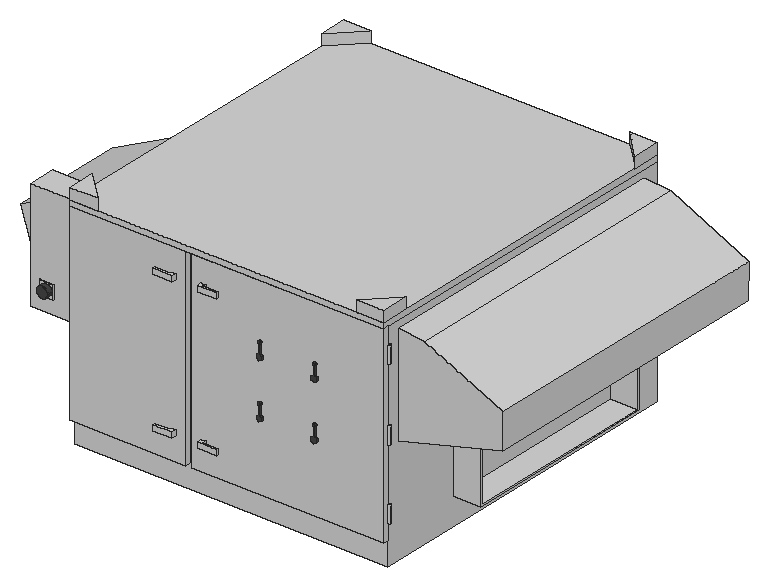
Revit family "HE3XRTF_FEB23", category Mechanical Equipment, Revit 2019
Family settings
  Round Connector Dimension = Use Diameter
  Part Type = Normal
  OmniClass Number = 23.75.00.00
  OmniClass Title = Climate Control (HVAC)
  Work Plane-Based = No
  Always vertical = Yes
  Cut with Voids When Loaded = No
  Shared = No
  Room Calculation Point = No
Parameters (values of type "2.0 HP 120V Single Phase")
  Voltage = "120"
  Ventilation Type = "Static Plate, Heat and Humidity Transfer"
  Unit Width = "63-1/4\""
  Unit Weight = "700-972 lbs."
  Unit Length = "94\""
  Unit Height = "44\""
  Unit = Metal - RenewAire - Anodized - Gray Text
  URL = "www.renewaire.com"
  Typical Airflow Range = "750-3,300 CFM"
  Standard Features = "TEFC Premium efficiency motors, Motor starters, Non-Fused Disconnect, 24VAC Transformer/Relay Package"
  Shipping Weight = "1,067 lbs."
  Service Area Visibility = no
  Service Area Box = Interference - RenewAire - Smooth - Light - Gold
  Revit Object Download Link = ""
  Phase = "Single"
  Options = "Integrated programmable controls, Fused disconnect, Double wall construction, Factory supplied and mounted variable frequency drives (VFDs) – one or both airstreams, Class 1 low leakage motorized isolation dampers – OA, RA or both airstreams, Qty. 2 Factory mounted filter alarms, Exterior Paint - white, custom colors"
  Number Motors = "Qty. 2, Belt drive blower/standard motor packages with adjustable sheaves"
  Model = "HE3XRTF"
  Minimum Circuit Amps = "45.0 A"
  Maximum Overcurrent Protection = "60 A"
  Max. Shipping Width = "70\""
  Max. Shipping Length = "80\""
  Max. Shipping Height = "67\""
  Manufacturer = "RenewAire LLC"
  Frequency = "60 HZ"
  FLA per Motor = "20.0"
  Description = "Energy Recovery Ventilator"
  Connector Base Material = Glass - With - Transparency
  Accessories = "Filters - MERV 13, 2\" (shipped loose),Roof curb - standard 14\", Curb wind clip, Engineered combo curb for Carrier RTU, Engineered combo curb for Trane RTU, Digital time clock - wall mount(TC7D-W), in exterior enclosure (TC7D-E), Motion occupancy control - ceiling mount(MC-C), wall mount(MC-W), Carbon dioxide control - wall mount (CO2-W), duct mount(CO2-D), Electric duct heater – EK series (1-60 KW), EH series (61-175kW); designed for indoor ductwork installation only, Indirect gas-fired duct furnace - GH Series (50-400 MBH), installed downstream of any fans"
  AHRI 1060 Certified Core = "Three L125-G5"
Types (13): name | Voltage | Phase | Options | Minimum Circuit Amps | Maximum Overcurrent Protection | FLA per Motor | Accessories
  (no name) | "120" | "Single" | "Integrated programmable controls, Fused disconnect, Double wall construction, Factory supplied and mounted variable frequency drives (VFDs) – one or both airstreams, Class 1 low leakage motorized isolation dampers – OA, RA or both airstreams, Qty. 2 Factory mounted filter alarms, Exterior Paint - white, custom colors" | "45.0 A" | "60 A" | "20.0" | "Filters - MERV 13, 2\" (shipped loose),Roof curb - standard 14\", Curb wind clip, Engineered combo curb for Carrier RTU, Engineered combo curb for Trane RTU, Digital time clock - wall mount(TC7D-W), in exterior enclosure (TC7D-E), Motion occupancy control - ceiling mount(MC-C), wall mount(MC-W), Carbon dioxide control - wall mount (CO2-W), duct mount(CO2-D), Electric duct heater – EK series (1-60 KW), EH series (61-175kW); designed for indoor ductwork installation only, Indirect gas-fired duct furnace - GH Series (50-400 MBH), installed downstream of any fans"
  2.0 HP 120V Single Phase | "120" | "Single" | "Integrated programmable controls, Fused disconnect, Double wall construction, Factory supplied and mounted variable frequency drives (VFDs) – one or both airstreams, Class 1 low leakage motorized isolation dampers – OA, RA or both airstreams, Qty. 2 Factory mounted filter alarms, Exterior Paint - white, custom colors" | "45.0 A" | "60 A" | "20.0" | "Filters - MERV 13, 2\" (shipped loose),Roof curb - standard 14\", Curb wind clip, Engineered combo curb for Carrier RTU, Engineered combo curb for Trane RTU, Digital time clock - wall mount(TC7D-W), in exterior enclosure (TC7D-E), Motion occupancy control - ceiling mount(MC-C), wall mount(MC-W), Carbon dioxide control - wall mount (CO2-W), duct mount(CO2-D), Electric duct heater – EK series (1-60 KW), EH series (61-175kW); designed for indoor ductwork installation only, Indirect gas-fired duct furnace - GH Series (50-400 MBH), installed downstream of any fans"
  2.0 HP 208-230V Single Phase | "208-230" | "Single" | "Integrated programmable controls, Fused disconnect, Double wall construction, Factory supplied and mounted variable frequency drives (VFDs) – one or both airstreams, Class 1 low leakage motorized isolation dampers – OA, RA or both airstreams, Qty. 2 Factory mounted filter alarms, Exterior Paint - white, custom colors" | "24.3 A" | "35 A" | "10.8-10.0" | "Filters - MERV 13, 2\" (shipped loose),Roof curb - standard 14\", Curb wind clip, Engineered combo curb for Carrier RTU, Engineered combo curb for Trane RTU, Digital time clock - wall mount(TC7D-W), in exterior enclosure (TC7D-E), Motion occupancy control - ceiling mount(MC-C), wall mount(MC-W), Carbon dioxide control - wall mount (CO2-W), duct mount(CO2-D), Electric duct heater – EK series (1-60 KW), EH series (61-175kW); designed for indoor ductwork installation only, Indirect gas-fired duct furnace - GH Series (50-400 MBH), installed downstream of any fans"
  2.0 HP 208-230V Three Phase | "208-230" | "Three" | "Integrated programmable controls, Fused disconnect, Double wall construction, Factory supplied and mounted variable frequency drives (VFDs) – one or both airstreams, Class 1 low leakage motorized isolation dampers – OA, RA or both airstreams, Qty. 2 Factory mounted filter alarms, Exterior Paint - white, custom colors" | "14.9 A" | "20 A" | "6.6-5.8" | "Filters - MERV 13, 2\" (shipped loose),Roof curb - standard 14\", Curb wind clip, Engineered combo curb for Carrier RTU, Engineered combo curb for Trane RTU, Digital time clock - wall mount(TC7D-W), in exterior enclosure (TC7D-E), Motion occupancy control - ceiling mount(MC-C), wall mount(MC-W), Carbon dioxide control - wall mount (CO2-W), duct mount(CO2-D), Electric duct heater – EK series (1-60 KW), EH series (61-175kW); designed for indoor ductwork installation only, Indirect gas-fired duct furnace - GH Series (50-400 MBH), installed downstream of any fans"
  2.0 HP 460V Three Phase | "460" | "Three" | "Integrated programmable controls, Fused disconnect, Double wall construction, Factory supplied and mounted variable frequency drives (VFDs) – one or both airstreams, Class 1 low leakage motorized isolation dampers – OA, RA or both airstreams, Qty. 2 Factory mounted filter alarms, Exterior Paint - white, custom colors" | "6.5 A" | "15 A" | "2.9" | "Filters - MERV 13, 2\" (shipped loose),Roof curb - standard 14\", Curb wind clip, Engineered combo curb for Carrier RTU, Engineered combo curb for Trane RTU, Digital time clock - wall mount(TC7D-W), in exterior enclosure (TC7D-E), Motion occupancy control - ceiling mount(MC-C), wall mount(MC-W), Carbon dioxide control - wall mount (CO2-W), duct mount(CO2-D), Electric duct heater – EK series (1-60 KW), EH series (61-175kW); designed for indoor ductwork installation only, Indirect gas-fired duct furnace - GH Series (50-400 MBH), installed downstream of any fans\\"
  2.0 HP 575V Three Phase | "575" | "Three" | "Integrated programmable controls, Fused disconnect, Double wall construction, Factory supplied and mounted variable frequency drives (VFDs) – one or both airstreams, Class 1 low leakage motorized isolation dampers – OA, RA or both airstreams, Qty. 2 Factory mounted filter alarms, Exterior Paint - white, custom colors" | "5.4 A" | "15 A" | "2.4" | "Filters - MERV 13, 2\" (shipped loose),Roof curb - standard 14\", Curb wind clip, Engineered combo curb for Carrier RTU, Engineered combo curb for Trane RTU, Digital time clock - wall mount(TC7D-W), in exterior enclosure (TC7D-E), Motion occupancy control - ceiling mount(MC-C), wall mount(MC-W), Carbon dioxide control - wall mount (CO2-W), duct mount(CO2-D), Electric duct heater – EK series (1-60 KW), EH series (61-175kW); designed for indoor ductwork installation only, Indirect gas-fired duct furnace - GH Series (50-400 MBH), installed downstream of any fans"
  3.0 HP 208-230V Single Phase | "208-230" | "Single" | "Integrated programmable controls, Fused disconnect, Double wall construction, Factory supplied and mounted variable frequency drives (VFDs) – one or both airstreams, Class 1 low leakage motorized isolation dampers – OA, RA or both airstreams, Qty. 2 Factory mounted filter alarms, Exterior Paint - white, custom colors" | "33.1 A" | "40 A" | "14.7-14" | "Filters - MERV 13, 2\" (shipped loose),Roof curb - standard 14\", Curb wind clip, Engineered combo curb for Carrier RTU, Engineered combo curb for Trane RTU, Digital time clock - wall mount(TC7D-W), in exterior enclosure (TC7D-E), Motion occupancy control - ceiling mount(MC-C), wall mount(MC-W), Carbon dioxide control - wall mount (CO2-W), duct mount(CO2-D), Electric duct heater – EK series (1-60 KW), EH series (61-175kW); designed for indoor ductwork installation only, Indirect gas-fired duct furnace - GH Series (50-400 MBH), installed downstream of any fans"
  3.0 HP 208-230V Three Phase | "208-230" | "Three" | "Integrated programmable controls, Fused disconnect, Double wall construction, Factory supplied and mounted variable frequency drives (VFDs) – one or both airstreams, Class 1 low leakage motorized isolation dampers – OA, RA or both airstreams, Qty. 2 Factory mounted filter alarms, Exterior Paint - white, custom colors" | "21.1 A" | "25 A" | "9.4-8.5" | "Filters - MERV 13, 2\" (shipped loose),Roof curb - standard 14\", Curb wind clip, Engineered combo curb for Carrier RTU, Engineered combo curb for Trane RTU, Digital time clock - wall mount(TC7D-W), in exterior enclosure (TC7D-E), Motion occupancy control - ceiling mount(MC-C), wall mount(MC-W), Carbon dioxide control - wall mount (CO2-W), duct mount(CO2-D), Electric duct heater – EK series (1-60 KW), EH series (61-175kW); designed for indoor ductwork installation only, Indirect gas-fired duct furnace - GH Series (50-400 MBH), installed downstream of any fans"
  3.0 HP 460V Three Phase | "460" | "Three" | "Integrated programmable controls, Fused disconnect, Double wall construction, Factory supplied and mounted variable frequency drives (VFDs) – one or both airstreams, Class 1 low leakage motorized isolation dampers – OA, RA or both airstreams, Qty. 2 Factory mounted filter alarms, Exterior Paint - white, custom colors\r\nIntegrated programmable controls, Fused disconnect, Double wall construction, Factory supplied and mounted variable frequency drives (VFDs) – one or both airstreams, Class 1 low leakage motorized isolation dampers – OA, EA or both airstreams, Qty. 2 Factory mounted filter alarms, Exterior Paint - white, custom colors" | "9.5 A" | "15 A" | "4.2" | "Filters - MERV 13, 2\" (shipped loose),Roof curb - standard 14\", Curb wind clip, Engineered combo curb for Carrier RTU, Engineered combo curb for Trane RTU, Digital time clock - wall mount(TC7D-W), in exterior enclosure (TC7D-E), Motion occupancy control - ceiling mount(MC-C), wall mount(MC-W), Carbon dioxide control - wall mount (CO2-W), duct mount(CO2-D), Electric duct heater – EK series (1-60 KW), EH series (61-175kW); designed for indoor ductwork installation only, Indirect gas-fired duct furnace - GH Series (50-400 MBH), installed downstream of any fans"
  3.0 HP 575V Three Phase | "575" | "Three" | "Integrated programmable controls, Fused disconnect, Double wall construction, Factory supplied and mounted variable frequency drives (VFDs) – one or both airstreams, Class 1 low leakage motorized isolation dampers – OA, RA or both airstreams, Qty. 2 Factory mounted filter alarms, Exterior Paint - white, custom colors" | "7.4 A" | "15 A" | "3.3" | "Filters - MERV 13, 2\" (shipped loose),Roof curb - standard 14\", Curb wind clip, Engineered combo curb for Carrier RTU, Engineered combo curb for Trane RTU, Digital time clock - wall mount(TC7D-W), in exterior enclosure (TC7D-E), Motion occupancy control - ceiling mount(MC-C), wall mount(MC-W), Carbon dioxide control - wall mount (CO2-W), duct mount(CO2-D), Electric duct heater – EK series (1-60 KW), EH series (61-175kW); designed for indoor ductwork installation only, Indirect gas-fired duct furnace - GH Series (50-400 MBH), installed downstream of any fans\r\nFilters - MERV 13, 2\" (shipped loose),Roof curb - standard 14\", Curb wind clip, Engineered combo curb for Carrier RTU, Engineered combo curb for Trane RTU, Digital time clock - wall mount(TC7D-W), in exterior enclosure (TC7D-E), Motion occupancy control - ceiling mount(MC-C), wall mount(MC-W), Carbon dioxide control - wall mount (CO2-W), duct mount(CO2-D), Electric duct heater – EK series (1-60 KW); designed for indoor ductwork installation only, Indirect gas-fired duct furnace - GH Series (50-400 MBH), installed downstream of any fans"
  5.0 HP 208-230V Three Phase | "208-230" | "Three" | "Integrated programmable controls, Fused disconnect, Double wall construction, Factory supplied and mounted variable frequency drives (VFDs) – one or both airstreams, Class 1 low leakage motorized isolation dampers – OA, RA or both airstreams, Qty. 2 Factory mounted filter alarms, Exterior Paint - white, custom colors" | "32.6 A" | "45 A" | "14.5-13.4" | "Filters - MERV 13, 2\" (shipped loose),Roof curb - standard 14\", Curb wind clip, Engineered combo curb for Carrier RTU, Engineered combo curb for Trane RTU, Digital time clock - wall mount(TC7D-W), in exterior enclosure (TC7D-E), Motion occupancy control - ceiling mount(MC-C), wall mount(MC-W), Carbon dioxide control - wall mount (CO2-W), duct mount(CO2-D), Electric duct heater – EK series (1-60 KW), EH series (61-175kW); designed for indoor ductwork installation only, Indirect gas-fired duct furnace - GH Series (50-400 MBH), installed downstream of any fans"
  5.0 HP 460V Three Phase | "460" | "Three" | "Integrated programmable controls, Fused disconnect, Double wall construction, Factory supplied and mounted variable frequency drives (VFDs) – one or both airstreams, Class 1 low leakage motorized isolation dampers – OA, RA or both airstreams, Qty. 2 Factory mounted filter alarms, Exterior Paint - white, custom colors" | "15.1 A" | "20 A" | "6.7" | "Filters - MERV 13, 2\" (shipped loose),Roof curb - standard 14\", Curb wind clip, Engineered combo curb for Carrier RTU, Engineered combo curb for Trane RTU, Digital time clock - wall mount(TC7D-W), in exterior enclosure (TC7D-E), Motion occupancy control - ceiling mount(MC-C), wall mount(MC-W), Carbon dioxide control - wall mount (CO2-W), duct mount(CO2-D), Electric duct heater – EK series (1-60 KW), EH series (61-175kW); designed for indoor ductwork installation only, Indirect gas-fired duct furnace - GH Series (50-400 MBH), installed downstream of any fans"
  5.0 HP 575V Three Phase | "575" | "Three" | "Integrated programmable controls, Fused disconnect, Double wall construction, Factory supplied and mounted variable frequency drives (VFDs) – one or both airstreams, Class 1 low leakage motorized isolation dampers – OA, RA or both airstreams, Qty. 2 Factory mounted filter alarms, Exterior Paint - white, custom colors" | "11.9 A" | "15 A" | "5.3" | "Filters - MERV 13, 2\" (shipped loose),Roof curb - standard 14\", Curb wind clip, Engineered combo curb for Carrier RTU, Engineered combo curb for Trane RTU, Digital time clock - wall mount(TC7D-W), in exterior enclosure (TC7D-E), Motion occupancy control - ceiling mount(MC-C), wall mount(MC-W), Carbon dioxide control - wall mount (CO2-W), duct mount(CO2-D), Electric duct heater – EK series (1-60 KW), EH series (61-175kW); designed for indoor ductwork installation only, Indirect gas-fired duct furnace - GH Series (50-400 MBH), installed downstream of any fans"
Reference planes (in)
  plane 1 "Center (Front/Back)": y = 0
  plane 2: z = 0
  plane 3 "Center (Left/Right)": x = 0
Forms (in)
  Extrusion 1, solid, material "Metal - RenewAire - Anodized - Gray Text" <- "Unit"
    sketch origin (0, 0, 0) x (1, 0, 0) y (0, 0, 1)
      loop
        line (-28.5625, 0) -> (28.5625, 0) -> (28.5625, 39.25) -> (-28.5625, 39.25) -> (-28.5625, 0)
    from 30.125 to -31.125
  Extrusion 2, solid, material "Metal - RenewAire - Anodized - Gray Text"
    sketch origin (0, 0, 0) x (1, 0, 0) y (0, 0, 1)
      loop
        line (-28.5625, 39.25) -> (28.5625, 39.25) -> (28.5625, 40.25) -> (-28.5625, 40.25) -> (-28.5625, 39.25)
    from 31.125 to -31.125
  Extrusion 3, solid, material "Metal - RenewAire - Anodized - Gray Text"
    sketch origin (0, 0, 0) x (1, 0, 0) y (0, 0, 1)
      loop
        line (-6.4375, 39.25) -> (-6.4375, 4.25) -> (28.5625, 4.25) -> (28.5625, 39.25) -> (-6.4375, 39.25)
      loop
        line (-28.5625, 39.25) -> (-28.5625, 4.25) -> (-7.5625, 4.25) -> (-7.5625, 39.25) -> (-28.5625, 39.25)
    from 31.125 to 30.125
  Extrusion 4, solid, material "Metal - RenewAire - Anodized - Gray Text"
    sketch origin (0, 0, 0) x (1, 0, 0) y (0, 1, 0)
      loop
        circle (-28.8125, -30.125) r 0.25
      loop
        circle (28.8125, -30.125) r 0.25
    from 10.25 to 7.25
  Extrusion 5, solid, material "Metal - RenewAire - Anodized - Gray Text"
    sketch origin (0, 0, 0) x (1, 0, 0) y (0, 1, 0)
      loop
        circle (-28.8125, -30.125) r 0.25
      loop
        circle (28.8125, -30.125) r 0.25
    from 36.25 to 33.25
  Extrusion 6, solid, material "Metal - RenewAire - Anodized - Gray Text"
    sketch origin (0, 0, 0) x (1, 0, 0) y (0, 1, 0)
      loop
        circle (-28.8125, -30.125) r 0.25
      loop
        circle (28.8125, -30.125) r 0.25
    from 23.125 to 20.125
  Extrusion 7, solid, material "Metal - RenewAire - Anodized - Gray Text"
    sketch origin (0, 0, 0) x (1, 0, 0) y (0, 1, 0)
      loop
        line (-4.6875, -31.125) -> (-4.6875, -32) -> (-1.1875, -32) -> (-1.1875, -31.625) -> (-3.9375, -31.625) -> (-3.9375, -31.125) -> (-4.6875, -31.125)
      loop
        line (-9.3125, -31.125) -> (-10.0625, -31.125) -> (-10.0625, -31.625) -> (-12.8125, -31.625) -> (-12.8125, -32) -> (-9.3125, -32) -> (-9.3125, -31.125)
    from 9.5 to 8.5
  Extrusion 8, solid, material "Metal - RenewAire - Anodized - Gray Text"
    sketch origin (0, 0, 0) x (1, 0, 0) y (0, 1, 0)
      loop
        line (-4.6875, -31.125) -> (-4.6875, -32) -> (-1.1875, -32) -> (-1.1875, -31.625) -> (-3.9375, -31.625) -> (-3.9375, -31.125) -> (-4.6875, -31.125)
      loop
        line (-9.3125, -31.125) -> (-10.0625, -31.125) -> (-10.0625, -31.625) -> (-12.8125, -31.625) -> (-12.8125, -32) -> (-9.3125, -32) -> (-9.3125, -31.125)
    from 35 to 34
  Extrusion 9, solid, material "Metal - RenewAire - Anodized - Gray Text"
    sketch origin (0, 0, 0) x (1, 0, 0) y (0, 0, 1)
      loop
        line (-28.5625, 37.5) -> (-38.875, 37.5) -> (-38.875, 17.5) -> (-28.5625, 17.5) -> (-28.5625, 37.5)
    from 27.125 to 22.125
  Extrusion 10, solid, material "Metal - RenewAire - Anodized - Gray Text"
    sketch origin (0, 0, 0) x (1, 0, 0) y (0, 0, 1)
      loop
        line (-37.25, 22.5) -> (-37.25, 20) -> (-34.75, 20) -> (-34.75, 22.5) -> (-37.25, 22.5)
    from 27.25 to 27.125
  Extrusion 11, solid, material "MonitorPorts"
    sketch origin (0, 0, 0) x (1, 0, 0) y (0, 0, 1)
      loop
        circle (-36, 21.25) r 1
    from 28.25 to 27.125
  Extrusion 12, solid, material "Interference - RenewAire - Smooth - Light - Gold" <- "Service Area Box", visible <- "Service Area Visibility"
    sketch origin (0, 0, 0) x (1, 0, 0) y (0, 0, 1)
      loop
        line (28.5625, 40.25) -> (-37.0625, 40.25) -> (-37.0625, 0) -> (28.5625, 0) -> (28.5625, 40.25)
    from 64.875 to 31.125
  Extrusion 13, solid, material "Metal - RenewAire - Anodized - Gray Text" <- "Unit"
    sketch origin (0, 0, 0) x (1, 0, 0) y (0, 1, 0)
      loop
        line (-28.5625, 31.125) -> (-28.5625, 26.125) -> (-23.5625, 31.125) -> (-28.5625, 31.125)
      loop
        line (-28.5625, -31.125) -> (-23.5625, -31.125) -> (-28.5625, -26.125) -> (-28.5625, -31.125)
      loop
        line (28.5625, -31.125) -> (28.5625, -26.125) -> (23.5625, -31.125) -> (28.5625, -31.125)
      loop
        line (28.5625, 31.125) -> (23.5625, 31.125) -> (28.5625, 26.125) -> (28.5625, 31.125)
    from 42.25 to 40.25
  Extrusion 14, solid, material "Metal - RenewAire - Anodized - Gray Text"
    sketch origin (0, 0, 0) x (-1, 0, 0) y (0, 0, -1)
      loop
        line (-28.5625, -38) -> (-28.5625, -19.59875) -> (-47.6875, -24.59875) -> (-47.6875, -31) -> (-33.5625, -37.5) -> (-28.5625, -38)
    from 28 to -28
  Extrusion 15, solid, material "Metal - RenewAire - Anodized - Gray Text"
    sketch origin (0, 0, 0) x (1, 0, 0) y (0, 0, 1)
      loop
        line (-28.5625, 21) -> (-28.5625, 37.75) -> (-45.5625, 29.25) -> (-42.8125, 21) -> (-28.5625, 21)
    from 21.25 to 0.25
  Extrusion 16, void
    sketch origin (0, 0, 0) x (1, 0, 0) y (0, 1, 0)
      loop
        line (-28.0625, 30.625) -> (-28.0625, -29.625) -> (28.0625, -29.625) -> (28.0625, 30.625) -> (-28.0625, 30.625)
    from 4.625 to -0.74714
  Extrusion 17, void
    sketch origin (0, 3, 0) x (1, 0, 0) y (0, 1, 0)
      loop
        line (-18.5, -7.75) -> (-18.5, -19.75) -> (-11.625, -19.75) -> (-11.625, -7.75) -> (-18.5, -7.75)
    from 4 to 4.75
  Extrusion 18, solid, material "Metal - RenewAire - Anodized - Gray Text"
    sketch origin (0, 0, -0.5) x (0, 1, 0) y (0, 0, 1)
      loop
        line (-15.375, 19.5) -> (-15.375, 5.5) -> (20.625, 5.5) -> (20.625, 19.5) -> (-15.375, 19.5)
      loop
        line (-15.125, 19.25) -> (-15.125, 5.75) -> (20.375, 5.75) -> (20.375, 19.25) -> (-15.125, 19.25)
    from 33.5625 to 28.5625
Cuts and joins
  Extrusion 16, Extrusion 17 cuts Extrusion 1
Dimensions and locks (in)
  Extrusion 2 to Extrusion 3 sketch curve to Extrusion 3 sketch curve = 1' - 9", 3' - 0 1/8"
  aligned and locked: level to plane 2
Nested families (in)
  nested 1: "Monitoring Port" at (16.0625, -31.125, 19.472) x (-1, 0, 0) z (0, 0, -1), type "Monitoring Port"
  nested 2: "Monitoring Port" at (6.0625, -31.125, 19.472) x (-1, 0, 0) z (0, 0, -1), type "Monitoring Port"
  nested 3: "Monitoring Port" at (16.0625, -31.125, 29.472) x (-1, 0, 0) z (0, 0, -1), type "Monitoring Port"
  nested 4: "Monitoring Port" at (6.0625, -31.125, 29.472) x (-1, 0, 0) z (0, 0, -1), type "Monitoring Port"
Connectors (in)
  hvac at (-15.0625, -10.75, 4.75)
    settings: on cut or joined group of Extrusion 1, Extrusion 16, Extrusion 17, index 2, duct flow 0 CFM, flow factor 0, pres drop 0.00 in-wg, loss coef 0, conn angle 0.00°, conn width 12", conn height 6 7/8", conn diameter 24", duct sys type 1, conn prof type 1, flow config 0, flow direction 2, loss method 0, conn ref index -1, conn util no, is conn primary yes, conn desc "FA (Fresh Air)"
  hvac at (33.5625, 2.625, 12)
    settings: on Extrusion 18, index 4, duct flow 0 CFM, flow factor 0, pres drop 0.00 in-wg, loss coef 0, conn angle 0.00°, conn width 36", conn height 14", conn diameter 24", duct sys type 2, conn prof type 1, flow config 0, flow direction 1, loss method 0, conn ref index -1, conn util no, is conn primary no, conn desc "RA (Return Air)"
Definition of nested family "Monitoring Port"
  Parameters
    URL = "www.renewaire.com"
    Revit Object Download Link = ""
    Model = ""
    Manufacturer = "RenewAire LLC"
    Description = "Monitoring Ports"
  Reference planes (in)
    plane 1 "Center (Front/Back)": y = 0
    plane 2: z = 0
    plane 3 "Center (Left/Right)": x = 0
  Forms (in)
    Extrusion 1, solid
      sketch origin (-9.43348, 0, 37.76669) x (-1, 0, 0) y (0, 0, -1)
        loop
          line (-9.53348, 35.65895) -> (-9.94097, 35.42369) -> (-9.94097, 34.83769) -> (-9.43348, 34.54469) -> (-8.92599, 34.83769) -> (-8.92599, 35.42369) -> (-9.33348, 35.65895) -> (-9.33348, 37.28756)
          arc (-9.33348, 37.28756) -> (-9.43348, 37.76669) -> (-9.53348, 37.28756) r 0.25
          line (-9.53348, 37.28756) -> (-9.53348, 35.65895)
      from 0 to 0.25
  Dimensions and locks (in)
    aligned and locked: level to plane 2
